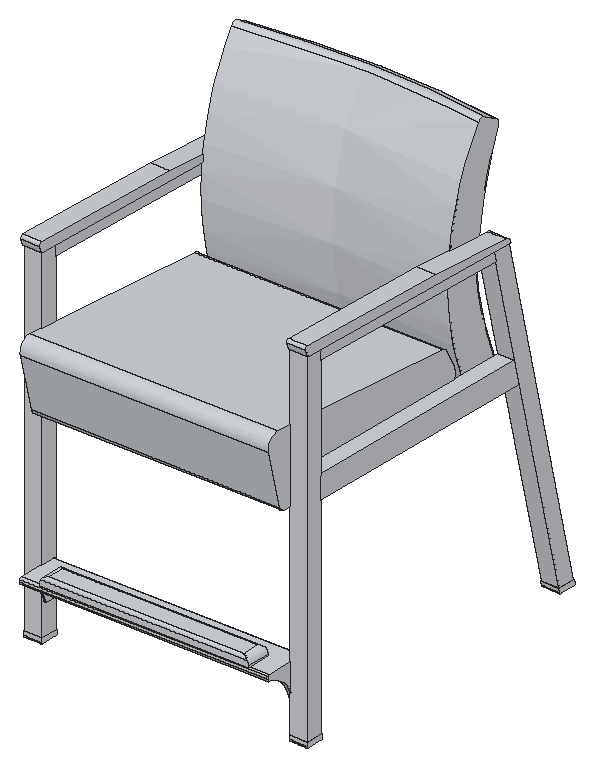
Revit family "Seat-LaZBoy-Kadia_Mod_Visitor_Seating-KAM10HIPU", category Furniture, Revit 2017
Family settings
  OmniClass Number = 23.40.20.00
  OmniClass Title = General Furniture and Specialties
  Work Plane-Based = No
  Always vertical = Yes
  Cut with Voids When Loaded = No
  Shared = No
  Room Calculation Point = No
Parameters (values of type "Solid Surface Arm Caps")
  Width = 24.50"  # constant formula
  URL = "https://www.la-z-boy.com/"
  Seat Material [instance] = none
  Product Documentation Link = "URL"
  Model = "KAM10HIPJ"
  Manufacturer = "LaZBoy"
  Height = 39.25"  # constant formula
  Description = "Hip Chair with Solid Surface Arm Caps"
  Depth = 31.00"  # constant formula
  Copyright © = "Inc"
  Back Material [instance] = none
  Assembly Code = "E2020200"
  Armcap Material [instance] = none
  Arm Material [instance] = none
Types (3): name | Model | Description
  Wood Arm Caps | "KAM10HIPW" | "Hip Chair with Arm Wood Arm Caps"
  Urethane Arm Caps | "KAM10HIPU" | "Hip Chair with Arm Urethane Arm Caps"
  Solid Surface Arm Caps | "KAM10HIPJ" | "Hip Chair with Solid Surface Arm Caps"
Reference planes (in)
  plane 1 "Center (Front/Back)": y = 0
  plane 2: z = 0
  plane 3 "Center (Left/Right)": x = 0
  plane 4 "Left": x = -11.25
  plane 5 "Right": x = 11.25
  plane 6: x = 12.25
  plane 7: x = -12.25
  plane 8: y = 15.5
  plane 9: y = -15.5
  plane 10: z = 39.25
Forms (in)
  Sweep 1, solid, material <- "Back Material"
    path origin (0, -2.75, 0) x (1, 0, 0) y (0, 1, 0)
      loop
        arc (-11.25, 6.9251688) -> (0, 7.8228125) -> (11.25, 6.9251688) r 70.9458932
    profile origin (0, 5.0728125, 0) x (0, 1, 0) y (0, 0, 1)
      loop
        arc (3.5654954, 38.9949508) -> (3.1972962, 39.0477662) -> (2.8945132, 38.8317047) r 0.5
        arc (2.8945132, 38.8317047) -> (-0.3277273, 28.9420777) -> (1.6861159, 18.7375693) r 20.6246626
        arc (1.6861159, 18.7375693) -> (1.8705791, 18.5314522) -> (2.136393, 18.4549412) r 0.5
        line (2.136393, 18.4549412) -> (3.6764001, 18.4549412)
        arc (3.6764001, 18.4549412) -> (4.5088413, 18.9008278) -> (4.5989337, 19.8408579) r 1
        arc (4.5989337, 19.8408579) -> (3.5273807, 22.8652275) -> (2.7986592, 25.9899679) r 28.8196997
        arc (2.7986592, 25.9899679) -> (2.6534985, 27.4045564) -> (2.7104534, 28.8254324) r 10
        arc (2.7104534, 28.8254324) -> (3.5228496, 33.343949) -> (4.9287357, 37.7143568) r 34.4568835
        arc (4.9287357, 37.7143568) -> (4.936277, 38.0630597) -> (4.7140144, 38.331853) r 0.5
        line (4.7140144, 38.331853) -> (3.5654954, 38.9949508)
  Extrusion 2, void
    sketch origin (0, -1.25, 0) x (1, 0, 0) y (0, 1, 0)
      loop
        line (-10.625, 5.1055927) -> (10.625, 5.1055927) -> (10.625, 12.8199446) -> (-10.625, 12.8199446) -> (-10.625, 5.1055927)
      loop
        line (-12.6421065, 13.4026772) -> (-12.6421065, 3.8373646) -> (12.6078935, 3.8373646) -> (12.6078935, 13.4026772) -> (-12.6421065, 13.4026772)
    from 0 to 45.1042362
  Extrusion 3, solid, material <- "Seat Material"
    sketch origin (0, -1.25, 6) x (0, 1, 0) y (0, 0, 1)
      loop
        line (-14.2097681, 17.3106233) -> (-12.9798117, 12.5796006)
        arc (-12.9798117, 12.5796006) -> (-12.8057279, 12.312972) -> (-12.5059821, 12.2055087) r 0.5
        line (-12.5059821, 12.2055087) -> (-11.3808056, 12.1828108)
        arc (-11.3808056, 12.1828108) -> (-11.291658, 12.2176475) -> (-11.2532544, 12.3053176) r 0.1250545
        line (-11.2532544, 12.3053176) -> (-11.2099262, 14.4531706) -> (5.2999267, 14.1201205)
        arc (5.2999267, 14.1201205) -> (5.659153, 14.2324759) -> (5.8094007, 14.5775742) r 0.4529061
        arc (5.8094007, 14.5775742) -> (5.7431809, 15.054105) -> (5.5654207, 15.5011709) r 2.0063583
        line (5.5654207, 15.5011709) -> (4.8399564, 16.8334459)
        arc (4.8399564, 16.8334459) -> (4.7070424, 16.9814079) -> (4.5217843, 17.0537838) r 0.4302629
        arc (4.5217843, 17.0537838) -> (-4.3243463, 18.0488755) -> (-13.2114814, 18.5617722) r 163.7496283
        arc (-13.2114814, 18.5617722) -> (-14.0236106, 18.1859279) -> (-14.2097681, 17.3106233) r 1
    from -10.6875 to 10.6875
  Extrusion 4, solid, material <- "Arm Material"
    sketch origin (0, 0.0625, 0) x (0, 1, 0) y (0, 0, 1)
      loop
        line (-12.0664411, 6.2046319) -> (-15.4397911, 6.2046319)
        arc (-15.4397911, 6.2046319) -> (-15.531715, 6.1665558) -> (-15.5697911, 6.0746319) r 0.13
        line (-15.5697911, 6.0746319) -> (-15.5697911, 5.818197)
        arc (-15.5697911, 5.818197) -> (-15.5400735, 5.7354718) -> (-15.4645073, 5.6905682) r 0.13
        arc (-15.4645073, 5.6905682) -> (-13.946669, 4.9073817) -> (-13.0916313, 3.4288268) r 3.0367191
        arc (-13.0916313, 3.4288268) -> (-13.0456313, 3.3573952) -> (-12.9653339, 3.3296319) r 0.13
        line (-12.9653339, 3.3296319) -> (-12.0797269, 3.3296319)
        arc (-12.0797269, 3.3296319) -> (-11.9843129, 3.3691536) -> (-11.9447911, 3.4645676) r 0.1349357
        line (-11.9447911, 3.4645676) -> (-11.9447911, 6.0829819)
        arc (-11.9447911, 6.0829819) -> (-11.9804216, 6.1690014) -> (-12.0664411, 6.2046319) r 0.12165
    from -10.6875 to 10.6875
  Extrusion 5, solid
    sketch origin (0, 0.0625, 0) x (0, 1, 0) y (0, 0, 1)
      loop
        line (-13.8197911, 6.9546319) -> (-15.3197911, 6.9546319)
        arc (-15.3197911, 6.9546319) -> (-15.4965678, 6.8814086) -> (-15.5697911, 6.7046319) r 0.25
        line (-15.5697911, 6.7046319) -> (-15.5697911, 6.2046319) -> (-13.5697911, 6.2046319) -> (-13.5697911, 6.7046319)
        arc (-13.5697911, 6.7046319) -> (-13.6430145, 6.8814086) -> (-13.8197911, 6.9546319) r 0.25
    from -10.6875 to 10.6875
  Extrusion 6, void
    sketch origin (0, 0, 0) x (0, 1, 0) y (0, 0, 1)
      loop
        line (-14.0697911, 5.9546319) -> (-14.0697911, 5.7046319) -> (-16.0697911, 5.7046319) -> (-16.0697911, 3.2046319) -> (-11.3197911, 3.2046319) -> (-11.3197911, 5.9546319) -> (-14.0697911, 5.9546319)
    from -10.44 to 10.44
  Extrusion 7, void
    sketch origin (0, 0, 0) x (1, 0, 0) y (0, 0, 1)
      loop
        line (-8.3878286, 6.9546319) -> (-8.3878286, 7.7046319) -> (-11.1378286, 7.7046319) -> (-11.1378286, 5.4546319) -> (-9.0235, 5.4546319) -> (-9.0235, 6.3189605)
        arc (-9.0235, 6.3189605) -> (-8.8373162, 6.768448) -> (-8.3878286, 6.9546319) r 0.6356714
      loop
        arc (8.3878286, 6.9546319) -> (8.8373162, 6.768448) -> (9.0235, 6.3189605) r 0.6356714
        line (9.0235, 6.3189605) -> (9.0235, 5.4546319) -> (11.1378286, 5.4546319) -> (11.1378286, 7.7046319) -> (8.3878286, 7.7046319) -> (8.3878286, 6.9546319)
    from 0 to 16.1559021
Cuts and joins
  Extrusion 2 cuts Sweep 1
  Extrusion 6 cuts Extrusion 4
  Extrusion 7 cuts Extrusion 5
Lines and regions (in)
  Masking region 1
    outline origin (0, -1.25, 0) x (1, 0, 0) y (0, 1, 0)
      loop
        arc (-10.625, -13.75) -> (-10.4785534, -14.1035534) -> (-10.125, -14.25) r 0.5
        line (-10.125, -14.25) -> (10.125, -14.25)
        arc (10.125, -14.25) -> (10.4785534, -14.1035534) -> (10.625, -13.75) r 0.5
        line (10.625, -13.75) -> (10.625, 10.1032333)
        arc (10.625, 10.1032333) -> (10.5021414, 10.4315081) -> (10.1939424, 10.5984574) r 0.5
        arc (10.1939424, 10.5984574) -> (0, 11.3046253) -> (-10.1939424, 10.5984574) r 73.9308193
        arc (-10.1939424, 10.5984574) -> (-10.5021414, 10.4315081) -> (-10.625, 10.1032333) r 0.5
        line (-10.625, 10.1032333) -> (-10.625, -13.75)
  symbolic lines, detail levels medium+fine
    curve 1: arc (-10.0554767, 4.0706544, 0) -> (0.0002777, 4.7666184, 0) -> (10.0541915, 4.0445523, 0) r 71.6504344
    curve 2: line (10.625, 4.6429153, 0) -> (10.625, 4.5395131, 0)
    curve 4: arc (-10.625, 4.5657973, 0) -> (-10.4530536, 4.1884634, 0) -> (-10.0554767, 4.0706544, 0) r 0.5
    curve 5: arc (10.625, 4.5395131, 0) -> (10.4525636, 4.1617537, 0) -> (10.0541915, 4.0445523, 0) r 0.5
  symbolic lines
    curve 3: line (-10.625, 6.2051197, 0) -> (-10.625, 4.5657973, 0)
Dimensions and locks (in)
  equal spacing: plane 4 "Left", plane 3 "Center (Left/Right)", plane 5 "Right"
  equal spacing: plane 7, plane 3 "Center (Left/Right)", plane 6
  locked: plane 7 to plane 6 at 24.5
  equal spacing: Extrusion 2 sketch curve, plane 3 "Center (Left/Right)", Extrusion 2 sketch curve
  locked: plane 7 to plane 4 "Left" at 1
  plane 5 "Right" to plane 6 = 1.00"
  equal spacing: plane 8, plane 1 "Center (Front/Back)", plane 9
  "Depth": plane 8 to plane 9
  "Height": plane 10 to plane 2
  aligned and locked: level to plane 2
  aligned and locked: plane 3 "Center (Left/Right)" to nested 1
  aligned and locked: plane 1 "Center (Front/Back)" to nested 1
  aligned and locked: cut or joined group of Sweep 1, Extrusion 2 to curve 2
  aligned and locked: nested 2 to plane 7
  aligned and locked: nested 3 to plane 6
  aligned and locked: plane 8 to nested 2
  aligned and locked: nested 3 to plane 8
Automatic sketch dimensions
  Extrusion 2 sketch curve to plane 4 "Left" = 1.39211"
  Extrusion 2 sketch curve to plane 5 "Right" = 1.35789"
  Extrusion 2 sketch curve to plane 1 "Center (Front/Back)" = 2.58736"
  Extrusion 2 sketch curve to Extrusion 2 sketch curve = 1.26823"
  Extrusion 2 sketch curve to Extrusion 2 sketch curve = 7.71435"
  Extrusion 2 sketch curve to Extrusion 2 sketch curve = 0.58273"
  plane 4 "Left" to Extrusion 2 sketch curve = 0.625"
  Sweep 1 sketch curve to profile plane = 2.13639"
  Sweep 1 sketch curve to profile plane = 3.3155"
  Sweep 1 sketch curve to Sweep 1 sketch curve = 0.25"  (x2)
  Sweep 1 sketch curve to Sweep 1 sketch curve = 1.54001"
  Sweep 1 sketch curve to Sweep 1 sketch curve = 1.14852"
  Sweep 1 sketch curve to Sweep 1 sketch curve = 8.97226"
  Sweep 1 sketch curve to Sweep 1 sketch curve = 7.61108"
  Sweep 1 sketch curve to Sweep 1 sketch curve = 10.92633"
  Sweep 1 sketch curve to Sweep 1 sketch curve = 5.76835"
  level to Sweep 1 sketch curve = 18.45494"
  Sweep 1 sketch curve to Sweep 1 sketch curve = 0.50"
  Sweep 1 sketch curve to Sweep 1 sketch curve = 1.00"
  level to Sweep 1 sketch curve = 25.00091"
  Sweep 1 sketch curve to Sweep 1 sketch curve = 2.70311"
  Sweep 1 sketch curve to Sweep 1 sketch curve = 0.01147"
  Sweep 1 sketch curve to Sweep 1 sketch curve = 5.96196"
  Sweep 1 sketch curve to Sweep 1 sketch curve = 10.18335"
  Sweep 1 sketch curve to Sweep 1 sketch curve = 0.43301"  (x2)
  Sweep 1 sketch curve to Sweep 1 sketch curve = 0.6631"
  Sweep 1 sketch curve to Sweep 1 sketch curve = 0.00"  (x3)
  Sweep 1 sketch curve to profile plane = 2.71045"
  Extrusion 3 sketch curve to Extrusion 3 sketch curve = 0.47383"
  Extrusion 3 sketch curve to Extrusion 3 sketch curve = 0.48391"
  Extrusion 3 sketch curve to Extrusion 3 sketch curve = 1.12518"
  Extrusion 3 sketch curve to Extrusion 3 sketch curve = 0.00252"
  Extrusion 3 sketch curve to Extrusion 3 sketch curve = 0.12503"
  Extrusion 3 sketch curve to Extrusion 3 sketch curve = 0.04333"
  Extrusion 3 sketch curve to plane 1 "Center (Front/Back)" = 2.55336"
  Extrusion 3 sketch curve to Extrusion 3 sketch curve = 0.65872"
  Extrusion 3 sketch curve to Extrusion 3 sketch curve = 0.37787"
  Extrusion 3 sketch curve to Extrusion 3 sketch curve = 1.49656"
  Extrusion 3 sketch curve to Extrusion 3 sketch curve = 0.05664"
  Extrusion 3 sketch curve to Extrusion 3 sketch curve = 0.20885"
  Extrusion 3 sketch curve to level = 139.11188"
  level to Extrusion 3 sketch curve = 18.18281"
  Extrusion 3 sketch curve to Extrusion 3 sketch curve = 0.0227"
  Extrusion 3 sketch curve to Extrusion 3 sketch curve = 0.12251"
  Extrusion 3 sketch curve to Extrusion 3 sketch curve = 0.37409"
  level to Extrusion 3 sketch curve = 20.12012"
  Extrusion 3 sketch curve to Extrusion 3 sketch curve = 0.42156"
  Extrusion 3 sketch curve to Extrusion 3 sketch curve = 0.44935"
  Extrusion 3 sketch curve to Extrusion 3 sketch curve = 0.9317"
  Extrusion 3 sketch curve to Extrusion 3 sketch curve = 1.12651"
  Extrusion 3 sketch curve to Extrusion 3 sketch curve = 0.20576"
  Extrusion 3 sketch curve to Extrusion 3 sketch curve = 2.85745"
  Extrusion 3 sketch curve to Extrusion 3 sketch curve = 0.25161"
  Extrusion 3 sketch curve to Extrusion 3 sketch curve = 0.00"
  Sweep 1 sketch curve to plane 3 "Center (Left/Right)" = 0.00"
  Sweep 1 sketch curve to plane 5 "Right" = 0.00"
  Sweep 1 sketch curve to plane 4 "Left" = 0.00"
  Sweep 1 sketch curve to plane 1 "Center (Front/Back)" = 4.17517"
  curve 5 to curve 2 = 0.50"
  curve 1 to plane 3 "Center (Left/Right)" = 0.09272"
  plane 4 "Left" to curve 4 = 1.125"
  curve 3 to curve 4 = 0.50"
  curve 2 to plane 1 "Center (Front/Back)" = 4.53951"
  curve 3 to plane 1 "Center (Front/Back)" = 4.5658"
  curve 1 to curve 5 = 0.00"
  curve 2 to curve 2 = 0.1034"
  curve 3 to curve 3 = 1.63932"
  Masking region 1 sketch curve to plane 3 "Center (Left/Right)" = 0.00"
  plane 4 "Left" to Masking region 1 sketch curve = 1.125"
  Masking region 1 sketch curve to Masking region 1 sketch curve = 0.50"  (x3)
  plane 5 "Right" to Masking region 1 sketch curve = 1.125"
  Masking region 1 sketch curve to Masking region 1 sketch curve = 0.00"
  Masking region 1 sketch curve to plane 1 "Center (Front/Back)" = 8.85323"  (x2)
  plane 1 "Center (Front/Back)" to curve 1 = 66.88376"
  plane 1 "Center (Front/Back)" to Sweep 1 sketch curve = 65.87308"
  plane 1 "Center (Front/Back)" to Extrusion 3 sketch curve = 12.45993"
  Extrusion 3 sketch curve to Extrusion 3 sketch curve = 2.03201"
  Extrusion 3 sketch curve to Extrusion 3 sketch curve = 0.96783"
  plane 1 "Center (Front/Back)" to Extrusion 3 sketch curve = 19.44909"
  plane 4 "Left" to Masking region 1 sketch curve = 0.625"
  plane 1 "Center (Front/Back)" to Masking region 1 sketch curve = 15.00"
  Masking region 1 sketch curve to Masking region 1 sketch curve = 48.37619"
  Extrusion 4 sketch curve to plane 9 = 0.47936"
  Extrusion 4 sketch curve to plane 9 = 0.00729"
  plane 9 to Extrusion 4 sketch curve = 0.12271"  (x2)
  plane 9 to Extrusion 4 sketch curve = 2.59717"
  Extrusion 4 sketch curve to Extrusion 4 sketch curve = 0.88561"
  Extrusion 4 sketch curve to Extrusion 4 sketch curve = 0.01329"
  Extrusion 4 sketch curve to Extrusion 4 sketch curve = 0.12165"
  level to Extrusion 4 sketch curve = 2.70924"
  Extrusion 4 sketch curve to Extrusion 4 sketch curve = 0.13"
  Extrusion 4 sketch curve to Extrusion 4 sketch curve = 3.10896"
  Extrusion 4 sketch curve to Extrusion 4 sketch curve = 0.25643"
  Extrusion 4 sketch curve to Extrusion 4 sketch curve = 2.61841"
  Extrusion 4 sketch curve to Extrusion 4 sketch curve = 0.00"
  plane 9 to Extrusion 5 sketch curve = 0.24271"
  Extrusion 5 sketch curve to Extrusion 5 sketch curve = 1.50"
  Extrusion 5 sketch curve to Extrusion 5 sketch curve = 0.25"
  level to Extrusion 5 sketch curve = 6.70463"
  Extrusion 5 sketch curve to plane 9 = 0.00729"
  Extrusion 5 sketch curve to Extrusion 5 sketch curve = 0.50"
  plane 9 to Extrusion 6 sketch curve = 1.43021"
  Extrusion 6 sketch curve to Extrusion 6 sketch curve = 2.75"
  level to Extrusion 6 sketch curve = 3.20463"
  Extrusion 6 sketch curve to Extrusion 6 sketch curve = 2.50"
  Extrusion 6 sketch curve to Extrusion 6 sketch curve = 0.25"
  Extrusion 6 sketch curve to plane 9 = 0.56979"
  plane 4 "Left" to Extrusion 7 sketch curve = 0.11217"
  Extrusion 7 sketch curve to Extrusion 7 sketch curve = 2.11433"
  Extrusion 7 sketch curve to Extrusion 7 sketch curve = 0.63567"  (x2)
  plane 5 "Right" to Extrusion 7 sketch curve = 2.86217"
  plane 5 "Right" to Extrusion 7 sketch curve = 0.11217"
  level to Extrusion 7 sketch curve = 5.45463"  (x2)
  Extrusion 7 sketch curve to Extrusion 7 sketch curve = 0.86433"  (x2)
  Extrusion 7 sketch curve to Extrusion 7 sketch curve = 0.75"  (x2)
Nested families (in)
  nested 1: "Label 1-16" at (0, 0, 0), type "Center", detail levels fine
    with Offset (LR) 0.00"
  nested 2: "KAM-Legs" at (-11.4375, 0.6247853, 0), type "Standard"
  nested 3: "KAM-Legs" at (11.4375, 0.6247853, 0) x (-1, 0, 0) z (0, 0, 1), type "Standard"
Definition of nested family "KAM-Legs"
  Parameters (values of type "Standard")
    URL = ""
    Model = ""
    Manufacturer = ""
    Description = ""
    Assembly Code = "E2020200"
    Armcap Material = none
    Arm Material = none
  Reference planes (in)
    plane 1 "Center (Front/Back)": y = 0
    plane 2: z = 0
    plane 3 "Center (Left/Right)": x = 0
    plane 4 "Left": x = -0.75
    plane 5 "Right": x = 0.75
    plane 6 "Top": z = 7.875
    plane 7: z = 3.9375
    plane 8: y = 14.8752147
    plane 9: y = -12.7067726
    plane 10: x = -0.8125
    plane 11: x = 0.8125
  Forms (in)
    Extrusion 1, solid, material <- "Arm Material"
      sketch origin (0, 0, 0) x (0, 1, 0) y (0, 0, 1)
        loop
          line (14.7771916, 0.556203) -> (7.8230313, 29.4832257) -> (6.2947222, 29.543285) -> (13.2361024, 0.556203) -> (14.7771916, 0.556203)
        loop
          line (-12.3165572, 0.548314) -> (-12.3165572, 30.2746687) -> (-13.8036035, 30.3331064) -> (-13.8036035, 0.548314) -> (-12.3165572, 0.548314)
      from -0.75 to 0.75
    Extrusion 2, solid, material <- "Armcap Material"
      sketch origin (0, -1.3595029, 5.8604129) x (0, 1, 0) y (0, 0, 1)
        loop
          line (9.3196194, 23.635751) -> (9.2811342, 23.8168094)
          arc (9.2811342, 23.8168094) -> (9.1496591, 24.0463493) -> (8.9091244, 24.156428) r 0.4325916
          arc (8.9091244, 24.156428) -> (5.0849934, 24.5340428) -> (1.2488018, 24.7581073) r 95.8723656
          line (1.2488018, 24.7581073) -> (-12.4764547, 25.284036)
          arc (-12.4764547, 25.284036) -> (-12.6516142, 25.209065) -> (-12.7044386, 25.0260048) r 0.2223732
          arc (-12.7044386, 25.0260048) -> (-12.6350022, 24.7422129) -> (-12.5222256, 24.4726936) r 1.8706892
          line (-12.5222256, 24.4726936) -> (9.3196194, 23.635751)
      from -0.8125 to 0.8125
    Extrusion 3, solid
      sketch origin (0, 0.0039889, 0) x (1, 0, 0) y (0, 1, 0)
        loop
          circle (0, 14.0501646) r 0.5638155
        loop
          circle (0, -13.0748354) r 0.5638155
      from 0 to 0.262
    Extrusion 4, solid, material <- "Arm Material"
      sketch origin (0, 0, 0) x (0, 1, 0) y (0, 0, 1)
        loop
          line (8.5349735, 20.1880348) -> (-12.3165572, 20.6079933) -> (-12.3165572, 18.6075878) -> (9.0163213, 18.1779348) -> (8.5349735, 20.1880348)
        loop
          line (-12.3165572, 29.3989933) -> (6.5064075, 28.6592909) -> (6.2947222, 29.543285) -> (-12.3165572, 30.2746687) -> (-12.3165572, 29.3989933)
      from 0.75 to -0.75
    Extrusion 5, solid
      sketch origin (0, 0, 0) x (0, 1, 0) y (0, 0, 1)
        loop
          line (14.8034676, 0.556203) -> (13.2060645, 0.556203) -> (13.288353, 0.1997723)
          arc (13.288353, 0.1997723) -> (13.3381872, 0.1207898) -> (13.4263556, 0.09) r 0.1416327
          line (13.4263556, 0.09) -> (14.7515784, 0.09)
          arc (14.7515784, 0.09) -> (14.8508823, 0.1378986) -> (14.8752147, 0.2454322) r 0.1268885
          line (14.8752147, 0.2454322) -> (14.8034676, 0.556203)
        loop
          line (-12.2759322, 0.548314) -> (-13.8238971, 0.548314) -> (-13.8238971, 0.2125343)
          arc (-13.8238971, 0.2125343) -> (-13.7891623, 0.1286772) -> (-13.7053051, 0.0939424) r 0.1185919
          line (-13.7053051, 0.0939424) -> (-12.3983317, 0.0939424)
          arc (-12.3983317, 0.0939424) -> (-12.3117822, 0.1297924) -> (-12.2759322, 0.2163419) r 0.1223995
          line (-12.2759322, 0.2163419) -> (-12.2759322, 0.548314)
      from 0.79 to -0.79
  Lines and regions (in)
    Masking region 1
      outline origin (0, 0, 0) x (1, 0, 0) y (0, 1, 0)
        loop
          line (-0.75, 14.8752147) -> (-0.75, 9.3196194) -> (-0.8125, 9.3196194) -> (-0.8125, -12.7067726) -> (0.8125, -12.7067726) -> (0.8125, 9.3196194) -> (0.75, 9.3196194) -> (0.75, 14.8752147) -> (-0.75, 14.8752147)
    symbolic lines, detail levels medium+fine
      curve 1: line (-0.75, 9.3196194, 0) -> (0.75, 9.3196194, 0)
  Dimensions and locks (in)
    equal spacing: plane 4 "Left", plane 3 "Center (Left/Right)", plane 5 "Right"
    plane 2 to plane 6 "Top" = 7.875"
    equal spacing: plane 6 "Top", plane 7, plane 2
    aligned and locked: level to plane 2
    aligned and locked: Masking region 1 sketch curve to plane 8
    aligned and locked: Masking region 1 sketch curve to plane 4 "Left"
    aligned and locked: plane 5 "Right" to Masking region 1 sketch curve
    aligned and locked: Masking region 1 sketch curve to plane 9
    aligned and locked: Masking region 1 sketch curve to Extrusion 2
    aligned and locked: Extrusion 2 to Masking region 1 sketch curve
    aligned and locked: Extrusion 4 sketch curve to Extrusion 1  (x2)
  Automatic sketch dimensions
    Extrusion 3 sketch curve to plane 3 "Center (Left/Right)" = 0.00"  (x2)
    Extrusion 4 sketch curve to Extrusion 4 sketch curve = 0.48135"
    Extrusion 4 sketch curve to plane 6 "Top" = 10.73259"
    Extrusion 3 sketch curve to plane 1 "Center (Front/Back)" = 14.05415"
    plane 1 "Center (Front/Back)" to Extrusion 3 sketch curve = 13.07085"
    plane 9 to Extrusion 1 sketch curve = 1.09683"
    Extrusion 1 sketch curve to Extrusion 1 sketch curve = 1.48705"
    Extrusion 1 sketch curve to plane 8 = 0.09802"
    level to Extrusion 1 sketch curve = 0.54831"
    level to Extrusion 1 sketch curve = 0.5562"
    Extrusion 1 sketch curve to plane 8 = 8.58049"
    Extrusion 1 sketch curve to Extrusion 1 sketch curve = 1.52831"
    Extrusion 1 sketch curve to Extrusion 1 sketch curve = 1.54109"
    Extrusion 1 sketch curve to Extrusion 1 sketch curve = 0.06006"
    Extrusion 1 sketch curve to plane 6 "Top" = 21.60823"
    Extrusion 4 sketch curve to Extrusion 4 sketch curve = 2.00041"
    Extrusion 4 sketch curve to plane 8 = 5.85889"
    plane 9 to Extrusion 2 sketch curve = 1.17496"
    plane 9 to Extrusion 2 sketch curve = 1.1377"
    Extrusion 2 sketch curve to Extrusion 2 sketch curve = 0.00851"
    Extrusion 2 sketch curve to Extrusion 2 sketch curve = 1.61828"
    plane 1 "Center (Front/Back)" to Extrusion 2 sketch curve = 3.78167"
    plane 1 "Center (Front/Back)" to Extrusion 2 sketch curve = 0.1107"
    Extrusion 2 sketch curve to plane 8 = 7.37672"
    Extrusion 2 sketch curve to Extrusion 2 sketch curve = 0.42314"
    Extrusion 2 sketch curve to Extrusion 2 sketch curve = 0.03849"
    Extrusion 2 sketch curve to level = 65.18354"
    Extrusion 2 sketch curve to plane 6 "Top" = 21.62116"
    Extrusion 2 sketch curve to Extrusion 2 sketch curve = 0.09112"
    Extrusion 2 sketch curve to Extrusion 2 sketch curve = 0.18106"
    Extrusion 2 sketch curve to plane 6 "Top" = 22.45811"
    Extrusion 2 sketch curve to Extrusion 2 sketch curve = 1.03124"
    Extrusion 2 sketch curve to Extrusion 2 sketch curve = 0.58913"
    Extrusion 2 sketch curve to Extrusion 2 sketch curve = 0.22221"
    Extrusion 2 sketch curve to Extrusion 2 sketch curve = 0.04331"
    Extrusion 5 sketch curve to plane 8 = 0.00"
    Extrusion 5 sketch curve to plane 8 = 0.07175"
    Extrusion 5 sketch curve to plane 8 = 0.12364"
    level to Extrusion 5 sketch curve = 0.23163"
    Extrusion 5 sketch curve to Extrusion 5 sketch curve = 1.32522"
    level to Extrusion 5 sketch curve = 0.19977"
    Extrusion 5 sketch curve to Extrusion 5 sketch curve = 0.138"
    level to Extrusion 5 sketch curve = 0.5562"
    Extrusion 5 sketch curve to Extrusion 5 sketch curve = 0.08229"
    level to Extrusion 5 sketch curve = 0.21634"
    Extrusion 5 sketch curve to plane 9 = 0.43084"
    Extrusion 5 sketch curve to Extrusion 5 sketch curve = 0.1224"
    plane 9 to Extrusion 5 sketch curve = 0.99853"
    plane 9 to Extrusion 5 sketch curve = 1.11712"
    Extrusion 5 sketch curve to Extrusion 5 sketch curve = 0.12689"
    Extrusion 5 sketch curve to Extrusion 5 sketch curve = 0.33578"
    Masking region 1 sketch curve to plane 8 = 5.5556"
    Masking region 1 sketch curve to Masking region 1 sketch curve = 0.00"
    curve 1 to plane 4 "Left" = 0.00"
    curve 1 to plane 5 "Right" = 0.00"
    curve 1 to plane 8 = 5.5556"
    Extrusion 1 sketch curve to Extrusion 1 sketch curve = 0.73138"
    Extrusion 1 sketch curve to Extrusion 1 sketch curve = 0.05844"
    Extrusion 4 sketch curve to plane 9 = 0.39022"
    Extrusion 4 sketch curve to plane 1 "Center (Front/Back)" = 6.29472"
    Extrusion 4 sketch curve to Extrusion 4 sketch curve = 0.21169"
    Extrusion 4 sketch curve to Extrusion 4 sketch curve = 8.47126"
    Extrusion 4 sketch curve to Extrusion 4 sketch curve = 8.791"
    Extrusion 4 sketch curve to Extrusion 4 sketch curve = 0.88399"
    Extrusion 4 sketch curve to Extrusion 4 sketch curve = 0.87568"
    radius of Extrusion 3 sketch curve = 0.56382"  (x2)
Definition of nested family "Label 1-16"
  Parameters (values of type "Center")
    P_Width = 0.00"
    Text_Width = "Empty"
    Text_Height = "Empty"
    Text_Diameter = "Empty"
    Text_Depth = "Empty"
    Offset (LR) [instance] = 0.00"
    Model Name = "6961"
    P_Height = 0.00"
    Distance of Center (not Change) = 0.00"
    P_Diameter = 0.00"
    P_Depth = 0.00"
  Reference planes (in)
    plane 1: y = 0
    plane 2: x = 0
  Lines and regions (in)
    reference lines
      curve 1: line (-0.4435932, 0, 0) -> (0.4108533, 0, 0)
      curve 3: line (0, 0.3256416, 0) -> (0, -0.4022122, 0)
    reference lines, not visible
      curve 2: line (-0.4435932, 0.0984252, 0) -> (0.4108533, 0.0984252, 0)
      curve 4: line (0, 0.4240668, 0) -> (0, -0.303787, 0)
  Text (in)
    label "Empty" at (0.0019675, -0.0079007, 0), shows "Model Name"
    label "Empty" at (0.0019675, 0.0905245, 0), shows "Model Name", not visible
  Dimensions and locks (in)
    "Distance of Center (not Change)": plane 1 to curve 1
    "Offset (LR)": curve 3 to plane 2
  Automatic sketch dimensions
    curve 1 to curve 3 = 0.44359"
    curve 3 to curve 1 = 0.41085"
    curve 3 to curve 1 = 0.40221"
    curve 1 to curve 3 = 0.32564"
    curve 2 to curve 4 = 0.44359"
    curve 4 to curve 2 = 0.41085"
    curve 4 to curve 2 = 0.40221"
    curve 2 to curve 4 = 0.32564"
